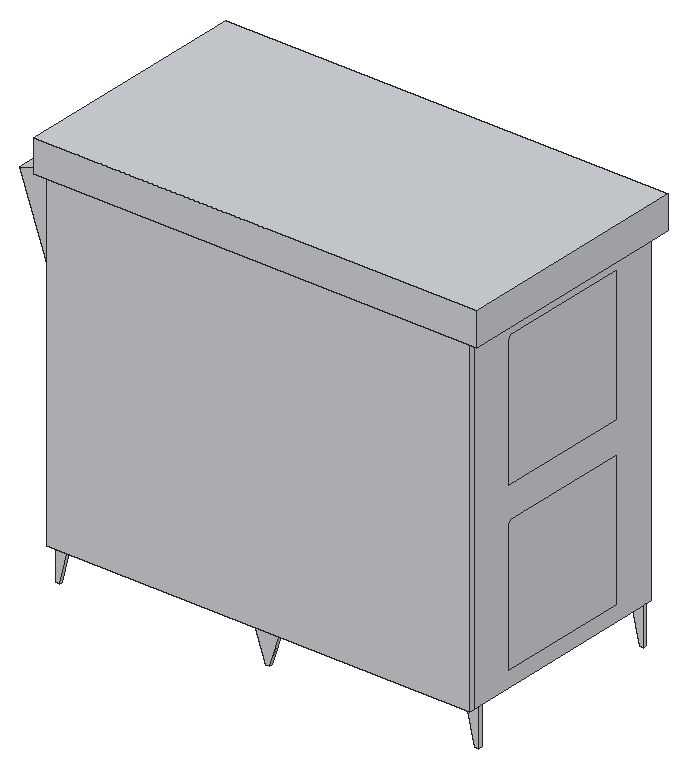
Revit family "AHU 4 _4", category Mechanické zařízení, Revit 2018
Family settings
  Kóta kulaté spojky = Použít průměr
  Typ dílu = Normální
  Číslo OmniClass = 23.75.00.00
  Nadpis OmniClass = Climate Control (HVAC)
  Založené na pracovní rovině = Ne
  Vždy vertikální = Ano
  Ořezat dutým tvarem při načtení = Ne
  Sdílené = Ne
  Bod výpočtu místnosti = Ne
Parameters (values of type "DUPLEXVENT 4000 Rotary-N")
  Width [instance] = 1.2 mm
  Weight [instance] = 588.00 kg
  URL = ""
  Type [instance] = "DUPLEXVENT 4000 Rotary-N"
  Total_SFP [instance] = 0
  Supply_outlet_hum [instance] = 90
  Supply_inlet_hum [instance] = 90
  Supply_ext_pressure [instance] = 0.0 Pa
  Supply_SFP [instance] = 0
  Source_adu_file [instance] = ""
  Recuperation_type [instance] = "Rotation regeneration exchanger"
  Recuperation_efficiency_EN308 [instance] = 0
  Project_name [instance] = ""
  Project_date [instance] = "10.8.2023"
  Power_supply_fusing [instance] = "0"
  Power_supply_cable [instance] = "0"
  Position [instance] = "AHU 4 "
  Phases_count [instance] = 3
  Panel_thickness [instance] = 0.06 mm
  Outer_surface [instance] = "RAL 9002"
  Length [instance] = 2.25 mm
  Insulation_type [instance] = "PUR"
  Insulation_thickness [instance] = 0.05 mm
  Installation_environment [instance] = ""
  Input_power_max [instance] = 5000 W
  Inner_surface [instance] = "Pozink"
  I2 [instance] = I1  # 0.0 L/s
  Height [instance] = 1.76 mm
  Exhaust_outlet_hum [instance] = 40
  Exhaust_inlet_hum [instance] = 40
  Exhaust_ext_pressure [instance] = 0.0 Pa
  Exhaust_SFP [instance] = 0
  E1 [instance] = E2 - M1  # 0.0 L/s
  E2 [instance] = 0.0 L/s
  I1 [instance] = 0.0 L/s
  Description = ""
  M1 [instance] = 0.0 L/s
  Device_dutypoint_version [instance] = "0"
  Device_design_version [instance] = "9"
  Device_adu_id [instance] = "4"
  Current_max [instance] = 8 A
  Casing_mat [instance] = "painted zinc layer"
  Cable type [instance] = "CYKY 5Jx2,5"
Reference planes
  plane 1 "Střed (vpředu/vzadu)": y = 0
  plane 2 "ref": z = 0
  plane 3 "Střed (vlevo/vpravo)": x = 0
Forms (mm)
  Sweep 1, solid
    path origin (0, 0, 0) x (0, 0, 1) y (1, 0, 0)
      loop
        line (0, 0) -> (1760, 0)
    profile origin (0, 0, 0) x (1, 0, 0) y (0, 1, 0)
      loop
        line (0, 0) -> (810, 0) -> (810, 1170) -> (0, 1170) -> (0, 0)
  Sweep 2, solid
    path origin (0, 0, 0) x (0, 0, 1) y (1, 0, 0)
      loop
        line (0, 0) -> (1760, 0)
    profile origin (0, 0, 0) x (1, 0, 0) y (0, 1, 0)
      loop
        line (810, 0) -> (1140, 0) -> (1140, 1170) -> (810, 1170) -> (810, 0)
  Sweep 3, solid
    path origin (0, 0, 0) x (0, 0, 1) y (1, 0, 0)
      loop
        line (0, 0) -> (1760, 0)
    profile origin (0, 0, 0) x (1, 0, 0) y (0, 1, 0)
      loop
        line (1140, 0) -> (2250, 0) -> (2250, 1170) -> (1140, 1170) -> (1140, 0)
  Sweep 4, solid
    path origin (0, 0, 1760) x (0, 0, 1) y (1, 0, 0)
      loop
        line (0, 0) -> (175, 0)
    profile origin (0, 0, 1760) x (1, 0, 0) y (0, 1, 0)
      loop
        line (-50, -50) -> (2300, -50) -> (2300, 1220) -> (-50, 1220) -> (-50, -50)
  Sweep 5, solid
    path origin (-175, 940, 1320) x (1, 0, 0) y (0, 1, 0)
      loop
        line (0, 0) -> (0, -710)
    profile origin (-175, 940, 1320) x (1, 0, 0) y (0, 0, 1)
      loop
        line (174, 355) -> (-175, 248) -> (35, -355) -> (175, -355) -> (174, 355)
  Sweep 6, solid
    path origin (0, 585, 1320) x (0, 1, 0) y (-1, 0, 0)
      loop
        line (0, 0) -> (0, 1)
    profile origin (0, 585, 1320) x (0, -1, 0) y (0, 0, 1)
      loop
        line (-355, -355) -> (355, -355) -> (355, 355) -> (-355, 355) -> (-355, -355)
  Sweep 7, solid
    path origin (2249, 585, 1320) x (1, 0, 0) y (0, 1, 0)
      loop
        line (0, 0) -> (1, 0)
    profile origin (2249, 585, 1320) x (0, 1, 0) y (0, 0, 1)
      loop
        line (-355, 355) -> (-355, -355) -> (355, -355) -> (355, 355) -> (-355, 355)
  Sweep 8, solid
    path origin (2249, 585, 440) x (1, 0, 0) y (0, 1, 0)
      loop
        line (0, 0) -> (1, 0)
    profile origin (2249, 585, 440) x (0, 1, 0) y (0, 0, 1)
      loop
        line (-355, 355) -> (-355, -355) -> (355, -355) -> (355, 355) -> (-355, 355)
  Sweep 9, solid
    path origin (1, 585, 440) x (0, 1, 0) y (-1, 0, 0)
      loop
        line (0, 0) -> (0, 1)
    profile origin (1, 585, 440) x (0, -1, 0) y (0, 0, 1)
      loop
        line (-355, -355) -> (355, -355) -> (355, 355) -> (-355, 355) -> (-355, -355)
  Sweep 10, solid
    path origin (0, 0, 0) x (0, 0, 1) y (1, 0, 0)
      loop
        line (0, 0) -> (1760, 0)
    profile origin (0, 0, 0) x (1, 0, 0) y (0, 1, 0)
      loop
        line (0, -30) -> (2250, -30) -> (2250, -5) -> (0, -5) -> (0, -30)
  Sweep 11, solid
    path origin (11, 45, 0) x (1, 0, 0) y (0, 1, 0)
      loop
        line (0, 0) -> (0, -15)
    profile origin (11, 45, 0) x (1, 0, 0) y (0, 0, 1)
      loop
        line (-11, 0) -> (-11, -200) -> (11, -200) -> (60, 0) -> (-11, 0)
  Sweep 12, solid
    path origin (1125, 45, 0) x (1, 0, 0) y (0, 1, 0)
      loop
        line (0, 0) -> (0, -15)
    profile origin (1125, 45, 0) x (1, 0, 0) y (0, 0, 1)
      loop
        line (-75, 0) -> (-11, -200) -> (11, -200) -> (75, 0) -> (-75, 0)
  Sweep 13, solid
    path origin (2239, 45, 0) x (1, 0, 0) y (0, 1, 0)
      loop
        line (0, 0) -> (0, -15)
    profile origin (2239, 45, 0) x (1, 0, 0) y (0, 0, 1)
      loop
        line (-60, 0) -> (-11, -200) -> (11, -200) -> (11, 0) -> (-60, 0)
  Sweep 14, solid
    path origin (11, 1140, 0) x (1, 0, 0) y (0, 1, 0)
      loop
        line (0, 0) -> (0, -15)
    profile origin (11, 1140, 0) x (1, 0, 0) y (0, 0, 1)
      loop
        line (-11, 0) -> (-11, -200) -> (11, -200) -> (60, 0) -> (-11, 0)
  Sweep 15, solid
    path origin (1125, 1140, 0) x (1, 0, 0) y (0, 1, 0)
      loop
        line (0, 0) -> (0, -15)
    profile origin (1125, 1140, 0) x (1, 0, 0) y (0, 0, 1)
      loop
        line (-75, 0) -> (-11, -200) -> (11, -200) -> (75, 0) -> (-75, 0)
  Sweep 16, solid
    path origin (2239, 1140, 0) x (1, 0, 0) y (0, 1, 0)
      loop
        line (0, 0) -> (0, -15)
    profile origin (2239, 1140, 0) x (1, 0, 0) y (0, 0, 1)
      loop
        line (-60, 0) -> (-11, -200) -> (11, -200) -> (11, 0) -> (-60, 0)
  Sweep 17, solid
    path origin (0, 0, 1120) x (0, 0, 1) y (1, 0, 0)
      loop
        line (0, 0) -> (405, 0)
    profile origin (0, 0, 1120) x (1, 0, 0) y (0, 1, 0)
      loop
        line (880, 1270) -> (880, 1170) -> (1185, 1170) -> (1185, 1270) -> (880, 1270)
  Sweep 18, solid
    path origin (1032, 1220, 1525) x (0, -1, 0) y (0, 0, 1)
      loop
        line (0, 0) -> (0, 1)
    profile origin (1032, 1220, 1525) x (0, 1, 0) y (-1, 0, 0)
      loop
        circle (0, 0) r 10
Lines and regions (mm)
  model lines, style "Symbol"
    curve 1: line (1290, 1170, 1315) -> (1290, 1170, 1715)
    curve 2: line (1290, 1170, 1715) -> (1290, 1300, 1685)
    curve 3: line (1290, 1300, 1685) -> (1290, 1300, 1315)
    curve 4: line (1290, 1300, 1315) -> (1290, 1170, 1315)
    curve 5: line (740, 1170, 1315) -> (740, 1170, 1715)
    curve 6: line (740, 1170, 1715) -> (740, 1300, 1685)
    curve 7: line (740, 1300, 1685) -> (740, 1300, 1315)
    curve 8: line (740, 1300, 1315) -> (740, 1170, 1315)
    curve 9: line (1290, 1170, 1715) -> (740, 1170, 1715)
    curve 10: line (740, 1170, 1715) -> (740, 1300, 1685)
    curve 11: line (740, 1300, 1685) -> (1290, 1300, 1685)
    curve 12: line (1290, 1300, 1685) -> (1290, 1170, 1715)
    curve 13: line (1290, 1300, 1315) -> (1290, 1300, 1685)
    curve 14: line (1290, 1300, 1685) -> (740, 1300, 1685)
    curve 15: line (740, 1300, 1685) -> (740, 1300, 1315)
    curve 16: line (740, 1300, 1315) -> (1290, 1300, 1315)
    curve 17: line (975, -30, 0) -> (975, -30, 352)
    curve 18: line (975, -30, 1760) -> (975, -30, 1408)
    curve 19: line (810, -30, 880) -> (1140, -30, 880)
    curve 20: line (0, -30, 880) -> (810, -30, 880)
    curve 21: line (2250, -30, 880) -> (1140, -30, 880)
    curve 22: line (843, -30, 88) -> (843, -30, 1672)
    curve 23: line (843, -30, 1672) -> (1107, -30, 1672)
    curve 24: line (1107, -30, 1672) -> (1107, -30, 88)
    curve 25: line (1107, -30, 88) -> (843, -30, 88)
    curve 26: line (843, -30, 880) -> (1107, -30, 880)
    curve 27: line (1077, -30, 716) -> (1066, -30, 563)
    curve 28: line (1066, -30, 563) -> (1050, -30, 432)
    curve 29: line (1050, -30, 432) -> (1028, -30, 331)
    curve 30: line (1028, -30, 331) -> (1002, -30, 268)
    curve 31: line (1002, -30, 268) -> (975, -30, 246)
    curve 32: line (975, -30, 246) -> (948, -30, 268)
    curve 33: line (948, -30, 268) -> (922, -30, 331)
    curve 34: line (922, -30, 331) -> (900, -30, 432)
    curve 35: line (900, -30, 432) -> (884, -30, 563)
    curve 36: line (884, -30, 563) -> (873, -30, 716)
    curve 37: line (873, -30, 716) -> (869, -30, 880)
    curve 38: line (869, -30, 880) -> (873, -30, 1044)
    curve 39: line (873, -30, 1044) -> (884, -30, 1197)
    curve 40: line (884, -30, 1197) -> (900, -30, 1328)
    curve 41: line (900, -30, 1328) -> (922, -30, 1429)
    curve 42: line (922, -30, 1429) -> (948, -30, 1492)
    curve 43: line (948, -30, 1492) -> (975, -30, 1514)
    curve 44: line (975, -30, 1514) -> (1002, -30, 1492)
    curve 45: line (1002, -30, 1492) -> (1028, -30, 1429)
    curve 46: line (1028, -30, 1429) -> (1050, -30, 1328)
    curve 47: line (1050, -30, 1328) -> (1066, -30, 1197)
    curve 48: line (1066, -30, 1197) -> (1077, -30, 1044)
    curve 49: line (1077, -30, 1044) -> (1040, -30, 1218)
    curve 50: line (1077, -30, 1044) -> (1082, -30, 1234)
    curve 51: line (1863, -30, 1445) -> (2144, -30, 1397)
    curve 52: line (1863, -30, 1195) -> (2144, -30, 1243)
    curve 53: line (387, -30, 315) -> (106, -30, 363)
    curve 54: line (387, -30, 565) -> (106, -30, 517)
    curve 55: line (270, -30, 1056) -> (270, -30, 1584)
    curve 56: line (270, -30, 1584) -> (405, -30, 1584)
    curve 57: line (405, -30, 1584) -> (405, -30, 1056)
    curve 58: line (405, -30, 1056) -> (270, -30, 1056)
    curve 59: line (338, -30, 1056) -> (405, -30, 1320)
    curve 60: line (338, -30, 1584) -> (405, -30, 1320)
    curve 61: line (1980, -30, 704) -> (1980, -30, 176)
    curve 62: line (1980, -30, 176) -> (1845, -30, 176)
    curve 63: line (1845, -30, 176) -> (1845, -30, 704)
    curve 64: line (1845, -30, 704) -> (1980, -30, 704)
    curve 65: line (1913, -30, 704) -> (1845, -30, 440)
    curve 66: line (1913, -30, 176) -> (1845, -30, 440)
    curve 67: line (0, -1200, 0) -> (0, 0, 0)
    curve 68: line (2250, -1200, 0) -> (2250, 0, 0)
    curve 69: line (0, -1200, 0) -> (2250, -1200, 0)
    curve 70: line (0, -1200, 1760) -> (0, 0, 1760)
    curve 71: line (2250, -1200, 1760) -> (2250, 0, 1760)
    curve 72: line (0, -1200, 1760) -> (2250, -1200, 1760)
    curve 73: line (0, -1200, 0) -> (0, -1200, 1760)
    curve 74: line (2250, -1200, 0) -> (2250, -1200, 1760)
    curve 75: line (0, -1200, 1560) -> (200, -1200, 1760)
    curve 76: line (0, -1200, 1360) -> (400, -1200, 1760)
    curve 77: line (0, -1200, 1160) -> (600, -1200, 1760)
    curve 78: line (0, -1200, 960) -> (800, -1200, 1760)
    curve 79: line (0, -1200, 760) -> (1000, -1200, 1760)
    curve 80: line (0, -1200, 560) -> (1200, -1200, 1760)
    curve 81: line (0, -1200, 360) -> (1400, -1200, 1760)
    curve 82: line (0, -1200, 160) -> (1600, -1200, 1760)
    curve 83: line (40, -1200, 0) -> (1800, -1200, 1760)
    curve 84: line (240, -1200, 0) -> (2000, -1200, 1760)
    curve 85: line (440, -1200, 0) -> (2200, -1200, 1760)
    curve 86: line (640, -1200, 0) -> (2250, -1200, 1610)
    curve 87: line (840, -1200, 0) -> (2250, -1200, 1410)
    curve 88: line (1040, -1200, 0) -> (2250, -1200, 1210)
    curve 89: line (1240, -1200, 0) -> (2250, -1200, 1010)
    curve 90: line (1440, -1200, 0) -> (2250, -1200, 810)
    curve 91: line (1640, -1200, 0) -> (2250, -1200, 610)
    curve 92: line (1840, -1200, 0) -> (2250, -1200, 410)
    curve 93: line (2040, -1200, 0) -> (2250, -1200, 210)
    curve 94: line (2240, -1200, 0) -> (2250, -1200, 10)
    curve 95: line (2250, -1200, 1560) -> (2250, -1000, 1760)
    curve 96: line (2250, -1200, 1360) -> (2250, -800, 1760)
    curve 97: line (2250, -1200, 1160) -> (2250, -600, 1760)
    curve 98: line (2250, -1200, 960) -> (2250, -400, 1760)
    curve 99: line (2250, -1200, 760) -> (2250, -200, 1760)
    curve 100: line (2250, -1200, 560) -> (2250, 0, 1760)
    curve 101: line (2250, -1200, 360) -> (2250, 0, 1560)
    curve 102: line (2250, -1200, 160) -> (2250, 0, 1360)
    curve 103: line (2250, -1160, 0) -> (2250, 0, 1160)
    curve 104: line (2250, -960, 0) -> (2250, 0, 960)
    curve 105: line (2250, -760, 0) -> (2250, 0, 760)
    curve 106: line (2250, -560, 0) -> (2250, 0, 560)
    curve 107: line (2250, -360, 0) -> (2250, 0, 360)
    curve 108: line (2250, -160, 0) -> (2250, 0, 160)
    curve 109: line (0, -1000, 1760) -> (200, -1200, 1760)
    curve 110: line (0, -800, 1760) -> (400, -1200, 1760)
    curve 111: line (0, -600, 1760) -> (600, -1200, 1760)
    curve 112: line (0, -400, 1760) -> (800, -1200, 1760)
    curve 113: line (0, -200, 1760) -> (1000, -1200, 1760)
    curve 114: line (0, 0, 1760) -> (1200, -1200, 1760)
    curve 115: line (200, 0, 1760) -> (1400, -1200, 1760)
    curve 116: line (400, 0, 1760) -> (1600, -1200, 1760)
    curve 117: line (600, 0, 1760) -> (1800, -1200, 1760)
    curve 118: line (800, 0, 1760) -> (2000, -1200, 1760)
    curve 119: line (1000, 0, 1760) -> (2200, -1200, 1760)
    curve 120: line (1200, 0, 1760) -> (2250, -1050, 1760)
    curve 121: line (1400, 0, 1760) -> (2250, -850, 1760)
    curve 122: line (1600, 0, 1760) -> (2250, -650, 1760)
    curve 123: line (1800, 0, 1760) -> (2250, -450, 1760)
    curve 124: line (2000, 0, 1760) -> (2250, -250, 1760)
    curve 125: line (2200, 0, 1760) -> (2250, -50, 1760)
    curve 126: line (2250, 1910, 0) -> (2250, 1170, 0)
    curve 127: line (0, 1910, 0) -> (0, 1170, 0)
    curve 128: line (2250, 1910, 0) -> (0, 1910, 0)
    curve 129: line (2250, 1910, 1760) -> (2250, 1170, 1760)
    curve 130: line (0, 1910, 1760) -> (0, 1170, 1760)
    curve 131: line (2250, 1910, 1760) -> (0, 1910, 1760)
    curve 132: line (2250, 1910, 0) -> (2250, 1910, 1760)
    curve 133: line (0, 1910, 0) -> (0, 1910, 1760)
    curve 134: line (2250, 1910, 1560) -> (2050, 1910, 1760)
    curve 135: line (2250, 1910, 1360) -> (1850, 1910, 1760)
    curve 136: line (2250, 1910, 1160) -> (1650, 1910, 1760)
    curve 137: line (2250, 1910, 960) -> (1450, 1910, 1760)
    curve 138: line (2250, 1910, 760) -> (1250, 1910, 1760)
    curve 139: line (2250, 1910, 560) -> (1050, 1910, 1760)
    curve 140: line (2250, 1910, 360) -> (850, 1910, 1760)
    curve 141: line (2250, 1910, 160) -> (650, 1910, 1760)
    curve 142: line (2210, 1910, 0) -> (450, 1910, 1760)
    curve 143: line (2010, 1910, 0) -> (250, 1910, 1760)
    curve 144: line (1810, 1910, 0) -> (50, 1910, 1760)
    curve 145: line (1610, 1910, 0) -> (0, 1910, 1610)
    curve 146: line (1410, 1910, 0) -> (0, 1910, 1410)
    curve 147: line (1210, 1910, 0) -> (0, 1910, 1210)
    curve 148: line (1010, 1910, 0) -> (0, 1910, 1010)
    curve 149: line (810, 1910, 0) -> (0, 1910, 810)
    curve 150: line (610, 1910, 0) -> (0, 1910, 610)
    curve 151: line (410, 1910, 0) -> (0, 1910, 410)
    curve 152: line (210, 1910, 0) -> (0, 1910, 210)
    curve 153: line (10, 1910, 0) -> (0, 1910, 10)
    curve 154: line (0, 1910, 1560) -> (0, 1710, 1760)
    curve 155: line (0, 1910, 1360) -> (0, 1510, 1760)
    curve 156: line (0, 1910, 1160) -> (0, 1310, 1760)
    curve 157: line (0, 1910, 960) -> (0, 1170, 1700)
    curve 158: line (0, 1910, 760) -> (0, 1170, 1500)
    curve 159: line (0, 1910, 560) -> (0, 1170, 1300)
    curve 160: line (0, 1910, 360) -> (0, 1170, 1100)
    curve 161: line (0, 1910, 160) -> (0, 1170, 900)
    curve 162: line (0, 1870, 0) -> (0, 1170, 700)
    curve 163: line (0, 1670, 0) -> (0, 1170, 500)
    curve 164: line (0, 1470, 0) -> (0, 1170, 300)
    curve 165: line (0, 1270, 0) -> (0, 1170, 100)
    curve 166: line (2250, 1710, 1760) -> (2050, 1910, 1760)
    curve 167: line (2250, 1510, 1760) -> (1850, 1910, 1760)
    curve 168: line (2250, 1310, 1760) -> (1650, 1910, 1760)
    curve 169: line (2190, 1170, 1760) -> (1450, 1910, 1760)
    curve 170: line (1990, 1170, 1760) -> (1250, 1910, 1760)
    curve 171: line (1790, 1170, 1760) -> (1050, 1910, 1760)
    curve 172: line (1590, 1170, 1760) -> (850, 1910, 1760)
    curve 173: line (1390, 1170, 1760) -> (650, 1910, 1760)
    curve 174: line (1190, 1170, 1760) -> (450, 1910, 1760)
    curve 175: line (990, 1170, 1760) -> (250, 1910, 1760)
    curve 176: line (790, 1170, 1760) -> (50, 1910, 1760)
    curve 177: line (590, 1170, 1760) -> (0, 1760, 1760)
    curve 178: line (390, 1170, 1760) -> (0, 1560, 1760)
    curve 179: line (190, 1170, 1760) -> (0, 1360, 1760)
    curve 180: line (0, -30, 0) -> (0, -30, 1760)
    curve 181: line (0, -30, 1760) -> (1123, -30, 1760)
    curve 182: line (1123, -30, 1760) -> (1123, -30, 0)
    curve 183: line (1123, -30, 0) -> (0, -30, 0)
    curve 184: line (1127, -30, 0) -> (1127, -30, 1760)
    curve 185: line (1127, -30, 1760) -> (2250, -30, 1760)
    curve 186: line (2250, -30, 1760) -> (2250, -30, 0)
    curve 187: line (2250, -30, 0) -> (1127, -30, 0)
    curve 188: line (0, -30, 0) -> (2250, -30, 0)
    curve 189: line (0, -30, 1760) -> (2250, -30, 1760)
    curve 190: line (0, -30, 0) -> (0, -30, 1760)
    curve 191: line (2250, -30, 0) -> (2250, -30, 1760)
    curve 192: line (0, -30, 0) -> (0, -5, 0)
    curve 193: line (2250, -30, 0) -> (2250, -5, 0)
    curve 194: line (0, -30, 1760) -> (0, -5, 1760)
    curve 195: line (2250, -30, 1760) -> (2250, -5, 1760)
    curve 196: circle (1986, -30, 1320) r 176 normal (0, -1, 0)
    curve 197: circle (264, -30, 440) r 176 normal (0, -1, 0)
Dimensions and locks
  aligned and locked: level to plane 2 "ref"
Connectors
  hvac at (-1, 585, 1320), driven by "E1"
    settings: on Sweep 6, index 1, duct flow 0.0 L/s, flow factor 0, pres drop 0.0 Pa, loss coef 0, conn angle 0.00°, conn width 10 mm, conn height 10 mm, conn diameter 609.6 mm, duct sys type 1, conn prof type 1, flow config 1, flow direction 1, loss method 0, conn ref index -1, conn util no, is conn primary yes, conn desc ""
  hvac at (2250, 585, 1320), driven by "E2"
    settings: on Sweep 7, index 2, duct flow 0.0 L/s, flow factor 1, pres drop 0.0 Pa, loss coef 0, conn angle 0.00°, conn width 710 mm, conn height 710 mm, conn diameter 609.6 mm, duct sys type 1, conn prof type 1, flow config 2, flow direction 2, loss method 0, conn ref index -1, conn util no, is conn primary no, conn desc ""
  hvac at (2250, 585, 440), driven by "I1"
    settings: on Sweep 8, index 3, duct flow 0.0 L/s, flow factor 1, pres drop 0.0 Pa, loss coef 0, conn angle 0.00°, conn width 710 mm, conn height 710 mm, conn diameter 609.6 mm, duct sys type 3, conn prof type 1, flow config 2, flow direction 1, loss method 0, conn ref index -1, conn util no, is conn primary no, conn desc ""
  hvac at (0, 585, 440), driven by "I2"
    settings: on Sweep 9, index 4, duct flow 0.0 L/s, flow factor 0, pres drop 0.0 Pa, loss coef 0, conn angle 0.00°, conn width 710 mm, conn height 710 mm, conn diameter 609.6 mm, duct sys type 3, conn prof type 1, flow config 1, flow direction 2, loss method 0, conn ref index -1, conn util no, is conn primary no, conn desc ""
  electrical at (1032, 1220, 1526)
    settings: on Sweep 18, index 5, voltage 400 V, apparent load 0 VA, apparent load phase1 0 VA, apparent load phase2 0 VA, apparent load phase3 0 VA, power factor 1, load classification "Další", number of poles 3, system type 31, power factor state 1, is connector primary yes, connector utility no, sub classification motor no, connector description ""
